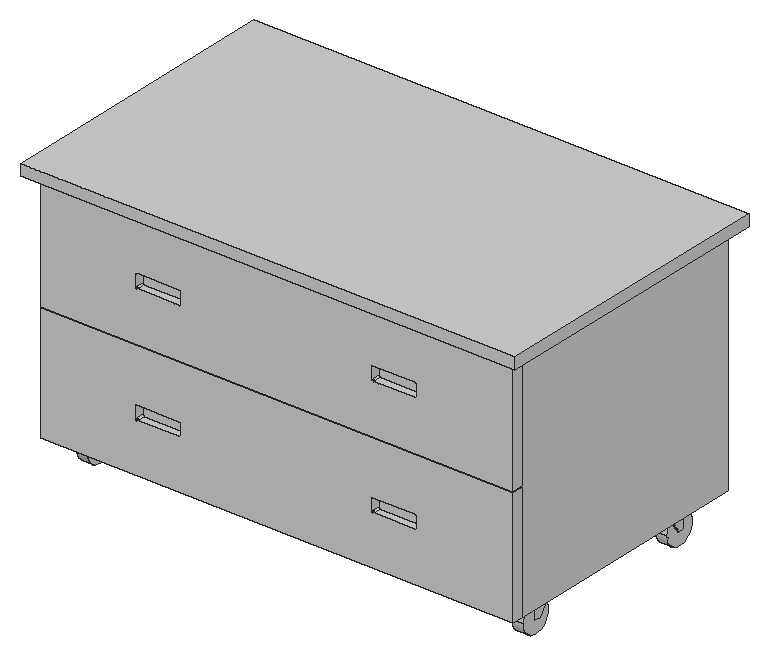
Revit family "AT", category Specialty Equipment, Revit 2012
Parameters (values of type "Small Table Stock Bin (Default)")
  URL = "http://madixinc.com/display/freestanding.html"
  Model = "Small Table Stock Bin"
  Manufacturer = "© 2012 Madix, Inc. All rights reserved."
Reference planes (in)
  plane 1 "Center (Front/Back)": y = 0
  plane 2: z = 0
  plane 3 "Center (Left/Right)": x = 0
  plane 4: y = 13
  plane 5: y = -13
  plane 6: x = -22
  plane 7: x = 22
  plane 8: x = -21
  plane 9: y = 12
  plane 10: y = -12
  plane 11: x = 21
  plane 12: z = 3
  plane 13: z = 25
  plane 14: z = 24
  plane 15: y = -11
  plane 16: z = 13.5
  plane 17: z = 23.875
  plane 18: z = 13.375
  plane 19: y = 11.875
  plane 20: y = -0.125
  plane 21: x = -10.5
  plane 22: z = 18.6875
  plane 23: z = 8.1875
  plane 24: x = 10.5
  plane 25: y = -11.25
  plane 26: y = -11.875
  plane 27: x = 20
  plane 28: x = 19.875
  plane 29: x = 18.875
  plane 30: x = 18.75
Forms (in)
  Extrusion 1, solid, material "Metal - Steel"
    sketch origin (0, 0, 0) x (1, 0, 0) y (0, 1, 0)
      loop
        line (-22, 13) -> (-22, -13) -> (22, -13) -> (22, 13) -> (-22, 13)
    from 24 to 25
  Extrusion 2, solid, material "Metal - Steel"
    sketch origin (0, 0, 0) x (1, 0, 0) y (0, 1, 0)
      loop
        line (-21, 12) -> (-21, -11) -> (21, -11) -> (21, 12) -> (-21, 12)
    from 3 to 24
  Extrusion 3, solid, material "Metal - Steel"
    sketch origin (0, 0, 0) x (1, 0, 0) y (0, 0, 1)
      loop
        line (-21, 23.875) -> (-21, 13.5) -> (21, 13.5) -> (21, 23.875) -> (-21, 23.875)
      loop
        line (21, 13.375) -> (-21, 13.375) -> (-21, 3) -> (21, 3) -> (21, 13.375)
      loop
        line (-12.5, 19.3125) -> (-12.5, 18.0625)
        arc (-12.5, 18.0625) -> (-12.46339, 17.97411) -> (-12.375, 17.9375) r 0.125
        line (-12.375, 17.9375) -> (-8.625, 17.9375)
        arc (-8.625, 17.9375) -> (-8.53661, 17.97411) -> (-8.5, 18.0625) r 0.125
        line (-8.5, 18.0625) -> (-8.5, 19.3125)
        arc (-8.5, 19.3125) -> (-8.53661, 19.40089) -> (-8.625, 19.4375) r 0.125
        line (-8.625, 19.4375) -> (-12.375, 19.4375)
        arc (-12.375, 19.4375) -> (-12.46339, 19.40089) -> (-12.5, 19.3125) r 0.125
      loop
        arc (12.5, 8.8125) -> (12.46339, 8.90089) -> (12.375, 8.9375) r 0.125
        line (12.375, 8.9375) -> (8.625, 8.9375)
        arc (8.625, 8.9375) -> (8.53661, 8.90089) -> (8.5, 8.8125) r 0.125
        line (8.5, 8.8125) -> (8.5, 7.5625)
        arc (8.5, 7.5625) -> (8.53661, 7.47411) -> (8.625, 7.4375) r 0.125
        line (8.625, 7.4375) -> (12.375, 7.4375)
        arc (12.375, 7.4375) -> (12.46339, 7.47411) -> (12.5, 7.5625) r 0.125
        line (12.5, 7.5625) -> (12.5, 8.8125)
      loop
        line (-12.5, 8.8125) -> (-12.5, 7.5625)
        arc (-12.5, 7.5625) -> (-12.46339, 7.47411) -> (-12.375, 7.4375) r 0.125
        line (-12.375, 7.4375) -> (-8.625, 7.4375)
        arc (-8.625, 7.4375) -> (-8.53661, 7.47411) -> (-8.5, 7.5625) r 0.125
        line (-8.5, 7.5625) -> (-8.5, 8.8125)
        arc (-8.5, 8.8125) -> (-8.53661, 8.90089) -> (-8.625, 8.9375) r 0.125
        line (-8.625, 8.9375) -> (-12.375, 8.9375)
        arc (-12.375, 8.9375) -> (-12.46339, 8.90089) -> (-12.5, 8.8125) r 0.125
      loop
        arc (12.5, 19.3125) -> (12.46339, 19.40089) -> (12.375, 19.4375) r 0.125
        line (12.375, 19.4375) -> (8.625, 19.4375)
        arc (8.625, 19.4375) -> (8.53661, 19.40089) -> (8.5, 19.3125) r 0.125
        line (8.5, 19.3125) -> (8.5, 18.0625)
        arc (8.5, 18.0625) -> (8.53661, 17.97411) -> (8.625, 17.9375) r 0.125
        line (8.625, 17.9375) -> (12.375, 17.9375)
        arc (12.375, 17.9375) -> (12.46339, 17.97411) -> (12.5, 18.0625) r 0.125
        line (12.5, 18.0625) -> (12.5, 19.3125)
    from 11.25 to 11.875
  Extrusion 4, solid, material "Metal - Steel"
    sketch origin (0, 0, 0) x (1, 0, 0) y (0, 0, 1)
      loop
        line (-21, 23.875) -> (-21, 13.5) -> (21, 13.5) -> (21, 23.875) -> (-21, 23.875)
      loop
        line (21, 13.375) -> (-21, 13.375) -> (-21, 3) -> (21, 3) -> (21, 13.375)
    from 11 to 11.25
  Extrusion 5, solid, material "Metal - Steel"
    sketch origin (0, 0, 0) x (1, 0, 0) y (0, 0, 1)
      loop
        line (-21, 23.875) -> (-21, 13.5) -> (21, 13.5) -> (21, 23.875) -> (-21, 23.875)
      loop
        line (21, 13.375) -> (-21, 13.375) -> (-21, 3) -> (21, 3) -> (21, 13.375)
      loop
        line (-12.5, 19.0625) -> (-12.5, 18.0625)
        arc (-12.5, 18.0625) -> (-12.46339, 17.97411) -> (-12.375, 17.9375) r 0.125
        line (-12.375, 17.9375) -> (-8.625, 17.9375)
        arc (-8.625, 17.9375) -> (-8.53661, 17.97411) -> (-8.5, 18.0625) r 0.125
        line (-8.5, 18.0625) -> (-8.5, 19.0625)
        arc (-8.5, 19.0625) -> (-8.53661, 19.15089) -> (-8.625, 19.1875) r 0.125
        line (-8.625, 19.1875) -> (-12.375, 19.1875)
        arc (-12.375, 19.1875) -> (-12.46339, 19.15089) -> (-12.5, 19.0625) r 0.125
      loop
        arc (12.5, 19.0625) -> (12.46339, 19.15089) -> (12.375, 19.1875) r 0.125
        line (12.375, 19.1875) -> (8.625, 19.1875)
        arc (8.625, 19.1875) -> (8.53661, 19.15089) -> (8.5, 19.0625) r 0.125
        line (8.5, 19.0625) -> (8.5, 18.0625)
        arc (8.5, 18.0625) -> (8.53661, 17.97411) -> (8.625, 17.9375) r 0.125
        line (8.625, 17.9375) -> (12.375, 17.9375)
        arc (12.375, 17.9375) -> (12.46339, 17.97411) -> (12.5, 18.0625) r 0.125
        line (12.5, 18.0625) -> (12.5, 19.0625)
      loop
        line (-12.5, 8.5625) -> (-12.5, 7.5625)
        arc (-12.5, 7.5625) -> (-12.46339, 7.47411) -> (-12.375, 7.4375) r 0.125
        line (-12.375, 7.4375) -> (-8.625, 7.4375)
        arc (-8.625, 7.4375) -> (-8.53661, 7.47411) -> (-8.5, 7.5625) r 0.125
        line (-8.5, 7.5625) -> (-8.5, 8.5625)
        arc (-8.5, 8.5625) -> (-8.53661, 8.65089) -> (-8.625, 8.6875) r 0.125
        line (-8.625, 8.6875) -> (-12.375, 8.6875)
        arc (-12.375, 8.6875) -> (-12.46339, 8.65089) -> (-12.5, 8.5625) r 0.125
      loop
        arc (12.5, 8.5625) -> (12.46339, 8.65089) -> (12.375, 8.6875) r 0.125
        line (12.375, 8.6875) -> (8.625, 8.6875)
        arc (8.625, 8.6875) -> (8.53661, 8.65089) -> (8.5, 8.5625) r 0.125
        line (8.5, 8.5625) -> (8.5, 7.5625)
        arc (8.5, 7.5625) -> (8.53661, 7.47411) -> (8.625, 7.4375) r 0.125
        line (8.625, 7.4375) -> (12.375, 7.4375)
        arc (12.375, 7.4375) -> (12.46339, 7.47411) -> (12.5, 7.5625) r 0.125
        line (12.5, 7.5625) -> (12.5, 8.5625)
    from 11.875 to 12
  Extrusion 6, solid, material "Metal - Steel"
    sketch origin (0, 0, 0) x (0, 1, 0) y (0, 0, 1)
      loop
        circle (-8, 1.375) r 1.375
      loop
        circle (8, 1.375) r 1.375
    from 18.875 to 19.875
  Extrusion 7, solid, material "Metal - Steel"
    sketch origin (0, 0, 0) x (0, 1, 0) y (0, 0, -1)
      loop
        circle (-8, -1.375) r 1.375
      loop
        circle (8, -1.375) r 1.375
    from 18.875 to 19.875
  Extrusion 8, solid, material "Metal - Steel"
    sketch origin (0, 0, 0) x (0, 1, 0) y (0, 0, 1)
      loop
        line (8.25, 1.25) -> (8.25, 3) -> (6.5, 3) -> (7.75, 1.25) -> (8.25, 1.25)
      loop
        line (-8.25, 1.25) -> (-7.75, 1.25) -> (-6.5, 3) -> (-8.25, 3) -> (-8.25, 1.25)
    from 19.875 to 20
  Extrusion 9, solid, material "Metal - Steel"
    sketch origin (37.5, 0, 0) x (0, 1, 0) y (0, 0, -1)
      loop
        line (8.25, -1.25) -> (7.75, -1.25) -> (6.5, -3) -> (8.25, -3) -> (8.25, -1.25)
      loop
        line (-8.25, -1.25) -> (-8.25, -3) -> (-6.5, -3) -> (-7.75, -1.25) -> (-8.25, -1.25)
    from 18.625 to 18.75
  Extrusion 10, solid, material "Metal - Steel"
    sketch origin (-37.5, 0, 0) x (0, 1, 0) y (0, 0, 1)
      loop
        line (8.25, 1.25) -> (8.25, 3) -> (6.5, 3) -> (7.75, 1.25) -> (8.25, 1.25)
      loop
        line (-8.25, 1.25) -> (-7.75, 1.25) -> (-6.5, 3) -> (-8.25, 3) -> (-8.25, 1.25)
    from 18.625 to 18.75
  Extrusion 11, solid, material "Metal - Steel"
    sketch origin (0, 0, 0) x (0, 1, 0) y (0, 0, -1)
      loop
        line (8.25, -1.25) -> (7.75, -1.25) -> (6.5, -3) -> (8.25, -3) -> (8.25, -1.25)
      loop
        line (-8.25, -1.25) -> (-8.25, -3) -> (-6.5, -3) -> (-7.75, -1.25) -> (-8.25, -1.25)
    from 19.875 to 20
Cuts and joins
  joined: Extrusion 3, Extrusion 4, Extrusion 5
Dimensions and locks (in)
  aligned and locked: level to plane 2
  aligned and locked: Extrusion 1 to plane 7
